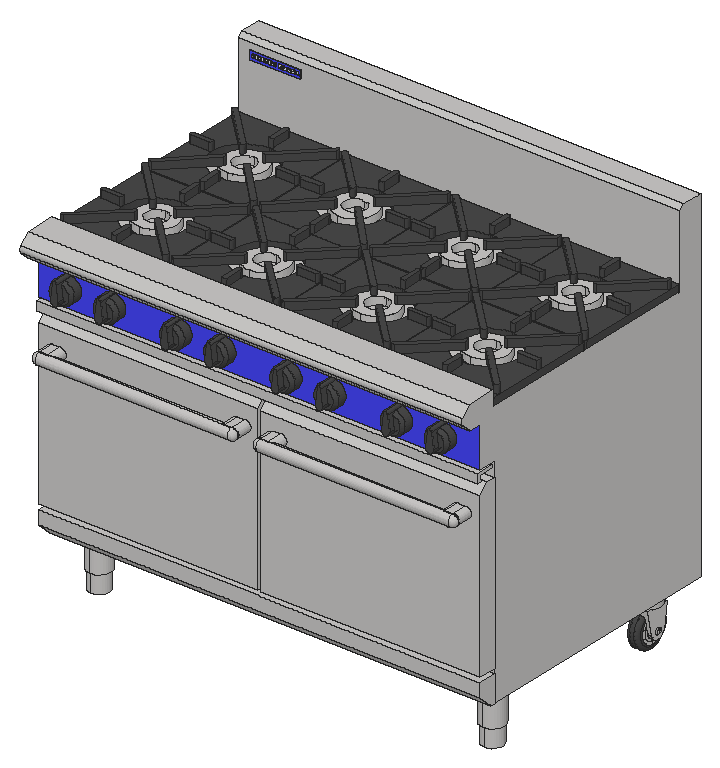
Revit family "QF_MOFFAT_BLUESEAL_CE_G528D", category Specialty Equipment, Revit 2012 (continued)
Definition of nested family "GAS BURNER 1200"
  Lines and regions (mm)
    symbolic lines
      curve 38: arc (149.991, -252.582, 0) -> (120.441, -247.219, 0) -> (94.661, -231.812, 0) r 84.082
      curve 39: line (156.4, -74.602, 0) -> (156.4, -25.398, 0)
      curve 40: spline (156.4, -25.398, 0) -> (156.182, -24.104, 0) -> (155.543, -22.898, 0) -> (154.525, -21.862, 0) -> (153.2, -21.068, 0) -> (151.656, -20.568, 0) -> (150, -20.398, 0) -> (148.344, -20.568, 0) -> (146.8, -21.068, 0) -> (145.475, -21.862, 0) -> (144.457, -22.898, 0) -> (143.818, -24.104, 0) -> (143.6, -25.398, 0)
      curve 41: line (143.6, -25.398, 0) -> (143.6, -74.602, 0)
      curve 42: spline (143.6, -74.602, 0) -> (143.818, -75.896, 0) -> (144.457, -77.102, 0) -> (145.475, -78.138, 0) -> (146.8, -78.932, 0) -> (148.344, -79.432, 0) -> (150, -79.602, 0) -> (151.656, -79.432, 0) -> (153.2, -78.932, 0) -> (154.525, -78.138, 0) -> (155.543, -77.102, 0) -> (156.182, -75.896, 0) -> (156.4, -74.602, 0)
      curve 43: line (358.102, -160.1, 0) -> (308.898, -160.1, 0)
      curve 44: spline (308.898, -160.1, 0) -> (307.604, -160.318, 0) -> (306.398, -160.957, 0) -> (305.362, -161.975, 0) -> (304.568, -163.3, 0) -> (304.068, -164.844, 0) -> (303.898, -166.5, 0) -> (304.068, -168.156, 0) -> (304.568, -169.7, 0) -> (305.362, -171.025, 0) -> (306.398, -172.043, 0) -> (307.604, -172.682, 0) -> (308.898, -172.9, 0)
      curve 45: line (308.898, -172.9, 0) -> (358.102, -172.9, 0)
      curve 46: spline (358.102, -172.9, 0) -> (359.396, -172.682, 0) -> (360.602, -172.043, 0) -> (361.638, -171.025, 0) -> (362.432, -169.7, 0) -> (362.932, -168.156, 0) -> (363.102, -166.5, 0) -> (362.932, -164.844, 0) -> (362.432, -163.3, 0) -> (361.638, -161.975, 0) -> (360.602, -160.957, 0) -> (359.396, -160.318, 0) -> (358.102, -160.1, 0)
      curve 47: line (414.025, -193.424, 0) -> (306.102, -304.847, 0)
      curve 48: spline (306.102, -304.847, 0) -> (305.341, -305.916, 0) -> (304.941, -307.221, 0) -> (304.928, -308.672, 0) -> (305.303, -310.171, 0) -> (306.041, -311.616, 0) -> (307.092, -312.908, 0) -> (308.384, -313.959, 0) -> (309.829, -314.697, 0) -> (311.328, -315.072, 0) -> (312.779, -315.059, 0) -> (314.084, -314.659, 0) -> (315.153, -313.898, 0)
      curve 49: line (315.153, -313.898, 0) -> (423.076, -202.475, 0)
      curve 50: spline (423.076, -202.475, 0) -> (423.837, -201.405, 0) -> (424.238, -200.101, 0) -> (424.251, -198.649, 0) -> (423.875, -197.15, 0) -> (423.137, -195.705, 0) -> (422.086, -194.414, 0) -> (420.795, -193.363, 0) -> (419.35, -192.625, 0) -> (417.851, -192.249, 0) -> (416.399, -192.262, 0) -> (415.095, -192.663, 0) -> (414.025, -193.424, 0)
      curve 51: line (456.4, -311.102, 0) -> (456.4, -261.898, 0)
      curve 52: spline (456.4, -261.898, 0) -> (456.182, -260.604, 0) -> (455.543, -259.398, 0) -> (454.525, -258.362, 0) -> (453.2, -257.568, 0) -> (451.656, -257.068, 0) -> (450, -256.898, 0) -> (448.344, -257.068, 0) -> (446.8, -257.568, 0) -> (445.475, -258.362, 0) -> (444.457, -259.398, 0) -> (443.818, -260.604, 0) -> (443.6, -261.898, 0)
      curve 53: line (443.6, -261.898, 0) -> (443.6, -311.102, 0)
      curve 54: spline (443.6, -311.102, 0) -> (443.818, -312.396, 0) -> (444.457, -313.602, 0) -> (445.475, -314.638, 0) -> (446.8, -315.432, 0) -> (448.344, -315.932, 0) -> (450, -316.102, 0) -> (451.656, -315.932, 0) -> (453.2, -315.432, 0) -> (454.525, -314.638, 0) -> (455.543, -313.602, 0) -> (456.182, -312.396, 0) -> (456.4, -311.102, 0)
      curve 55: line (596, 0, 0) -> (304, 0, 0)
      curve 56: arc (304, 0, 0) -> (301.879, -0.879, 0) -> (301, -3, 0) r 3
      curve 57: line (301, -3, 0) -> (301, -315.5, 0)
      curve 58: arc (301, -315.5, 0) -> (301.879, -317.621, 0) -> (304, -318.5, 0) r 3
      curve 59: line (304, -318.5, 0) -> (596, -318.5, 0)
      curve 60: arc (596, -318.5, 0) -> (598.121, -317.621, 0) -> (599, -315.5, 0) r 3
      curve 61: line (599, -315.5, 0) -> (599, -3, 0)
      curve 62: arc (599, -3, 0) -> (598.121, -0.879, 0) -> (596, 0, 0) r 3
      curve 63: line (296, 0, 0) -> (4, 0, 0)
      curve 64: arc (4, 0, 0) -> (1.879, -0.879, 0) -> (1, -3, 0) r 3
      curve 65: line (1, -3, 0) -> (1, -315.5, 0)
      curve 66: arc (1, -315.5, 0) -> (1.879, -317.621, 0) -> (4, -318.5, 0) r 3
      curve 67: line (4, -318.5, 0) -> (296, -318.5, 0)
      curve 68: arc (296, -318.5, 0) -> (298.121, -317.621, 0) -> (299, -315.5, 0) r 3
      curve 69: line (299, -315.5, 0) -> (299, -3, 0)
      curve 70: arc (299, -3, 0) -> (298.121, -0.879, 0) -> (296, 0, 0) r 3
      curve 71: line (296, -321.5, 0) -> (4, -321.5, 0)
      curve 72: arc (4, -321.5, 0) -> (1.879, -322.379, 0) -> (1, -324.5, 0) r 3
      curve 73: line (1, -324.5, 0) -> (1, -632, 0)
      curve 74: arc (1, -632, 0) -> (1.879, -634.121, 0) -> (4, -635, 0) r 3
      curve 75: line (4, -635, 0) -> (296, -635, 0)
      curve 76: arc (296, -635, 0) -> (298.121, -634.121, 0) -> (299, -632, 0) r 3
      curve 77: line (299, -632, 0) -> (299, -324.5, 0)
      curve 78: arc (299, -324.5, 0) -> (298.121, -322.379, 0) -> (296, -321.5, 0) r 3
      curve 79: line (596, -321.5, 0) -> (304, -321.5, 0)
      curve 80: arc (304, -321.5, 0) -> (301.879, -322.379, 0) -> (301, -324.5, 0) r 3
      curve 81: line (301, -324.5, 0) -> (301, -632, 0)
      curve 82: arc (301, -632, 0) -> (301.879, -634.121, 0) -> (304, -635, 0) r 3
      curve 83: line (304, -635, 0) -> (596, -635, 0)
      curve 84: arc (596, -635, 0) -> (598.121, -634.121, 0) -> (599, -632, 0) r 3
      curve 85: line (599, -632, 0) -> (599, -324.5, 0)
      curve 86: arc (599, -324.5, 0) -> (598.121, -322.379, 0) -> (596, -321.5, 0) r 3
      curve 87: line (293.898, -304.847, 0) -> (185.975, -193.424, 0)
      curve 88: spline (185.975, -193.424, 0) -> (184.905, -192.663, 0) -> (183.601, -192.262, 0) -> (182.149, -192.249, 0) -> (180.65, -192.625, 0) -> (179.205, -193.363, 0) -> (177.914, -194.414, 0) -> (176.863, -195.705, 0) -> (176.125, -197.15, 0) -> (175.749, -198.649, 0) -> (175.762, -200.101, 0) -> (176.163, -201.405, 0) -> (176.924, -202.475, 0)
      curve 89: line (176.924, -202.475, 0) -> (284.847, -313.898, 0)
      curve 90: spline (284.847, -313.898, 0) -> (285.916, -314.659, 0) -> (287.221, -315.059, 0) -> (288.672, -315.072, 0) -> (290.171, -314.697, 0) -> (291.616, -313.959, 0) -> (292.908, -312.908, 0) -> (293.959, -311.616, 0) -> (294.697, -310.171, 0) -> (295.072, -308.672, 0) -> (295.059, -307.221, 0) -> (294.659, -305.916, 0) -> (293.898, -304.847, 0)
      curve 91: line (15.153, -313.898, 0) -> (123.076, -202.475, 0)
      curve 92: spline (123.076, -202.475, 0) -> (123.837, -201.405, 0) -> (124.238, -200.101, 0) -> (124.251, -198.649, 0) -> (123.875, -197.15, 0) -> (123.137, -195.705, 0) -> (122.086, -194.414, 0) -> (120.795, -193.363, 0) -> (119.35, -192.625, 0) -> (117.851, -192.249, 0) -> (116.399, -192.262, 0) -> (115.095, -192.663, 0) -> (114.025, -193.424, 0)
      curve 93: line (114.025, -193.424, 0) -> (6.102, -304.847, 0)
      curve 94: spline (6.102, -304.847, 0) -> (5.341, -305.916, 0) -> (4.941, -307.221, 0) -> (4.928, -308.672, 0) -> (5.303, -310.171, 0) -> (6.041, -311.616, 0) -> (7.092, -312.908, 0) -> (8.384, -313.959, 0) -> (9.829, -314.697, 0) -> (11.328, -315.072, 0) -> (12.779, -315.059, 0) -> (14.084, -314.659, 0) -> (15.153, -313.898, 0)
      curve 95: line (8.898, -172.9, 0) -> (58.102, -172.9, 0)
      curve 96: spline (58.102, -172.9, 0) -> (59.396, -172.682, 0) -> (60.602, -172.043, 0) -> (61.638, -171.025, 0) -> (62.432, -169.7, 0) -> (62.932, -168.156, 0) -> (63.102, -166.5, 0) -> (62.932, -164.844, 0) -> (62.432, -163.3, 0) -> (61.638, -161.975, 0) -> (60.602, -160.957, 0) -> (59.396, -160.318, 0) -> (58.102, -160.1, 0)
      curve 97: line (58.102, -160.1, 0) -> (8.898, -160.1, 0)
      curve 98: spline (8.898, -160.1, 0) -> (7.604, -160.318, 0) -> (6.398, -160.957, 0) -> (5.362, -161.975, 0) -> (4.568, -163.3, 0) -> (4.068, -164.844, 0) -> (3.898, -166.5, 0) -> (4.068, -168.156, 0) -> (4.568, -169.7, 0) -> (5.362, -171.025, 0) -> (6.398, -172.043, 0) -> (7.604, -172.682, 0) -> (8.898, -172.9, 0)
      curve 99: line (6.102, -31.653, 0) -> (114.025, -139.576, 0)
      curve 100: spline (114.025, -139.576, 0) -> (115.095, -140.337, 0) -> (116.399, -140.738, 0) -> (117.851, -140.751, 0) -> (119.35, -140.375, 0) -> (120.795, -139.637, 0) -> (122.086, -138.586, 0) -> (123.137, -137.295, 0) -> (123.875, -135.85, 0) -> (124.251, -134.351, 0) -> (124.238, -132.899, 0) -> (123.837, -131.595, 0) -> (123.076, -130.525, 0)
      curve 101: line (123.076, -130.525, 0) -> (15.153, -22.602, 0)
      curve 102: spline (15.153, -22.602, 0) -> (13.924, -21.681, 0) -> (12.47, -21.131, 0) -> (10.89, -20.99, 0) -> (9.292, -21.267, 0) -> (7.786, -21.943, 0) -> (6.473, -22.973, 0) -> (5.443, -24.286, 0) -> (4.767, -25.792, 0) -> (4.49, -27.39, 0) -> (4.631, -28.97, 0) -> (5.181, -30.424, 0) -> (6.102, -31.653, 0)
      curve 103: arc (150, -136.5, 0) -> (180, -166.5, 0) -> (150, -196.5, 0) r 30
      curve 104: arc (150, -196.5, 0) -> (120, -166.5, 0) -> (150, -136.5, 0) r 30
      curve 105: line (156.4, -311.102, 0) -> (156.4, -261.898, 0)
      curve 106: spline (156.4, -261.898, 0) -> (156.182, -260.604, 0) -> (155.543, -259.398, 0) -> (154.525, -258.362, 0) -> (153.2, -257.568, 0) -> (151.656, -257.068, 0) -> (150, -256.898, 0) -> (148.344, -257.068, 0) -> (146.8, -257.568, 0) -> (145.475, -258.362, 0) -> (144.457, -259.398, 0) -> (143.818, -260.604, 0) -> (143.6, -261.898, 0)
      curve 107: line (143.6, -261.898, 0) -> (143.6, -311.102, 0)
      curve 108: spline (143.6, -311.102, 0) -> (143.818, -312.396, 0) -> (144.457, -313.602, 0) -> (145.475, -314.638, 0) -> (146.8, -315.432, 0) -> (148.344, -315.932, 0) -> (150, -316.102, 0) -> (151.656, -315.932, 0) -> (153.2, -315.432, 0) -> (154.525, -314.638, 0) -> (155.543, -313.602, 0) -> (156.182, -312.396, 0) -> (156.4, -311.102, 0)
      curve 109: line (156.4, -378.102, 0) -> (156.4, -328.898, 0)
      curve 110: spline (156.4, -328.898, 0) -> (156.182, -327.604, 0) -> (155.543, -326.398, 0) -> (154.525, -325.362, 0) -> (153.2, -324.568, 0) -> (151.656, -324.068, 0) -> (150, -323.898, 0) -> (148.344, -324.068, 0) -> (146.8, -324.568, 0) -> (145.475, -325.362, 0) -> (144.457, -326.398, 0) -> (143.818, -327.604, 0) -> (143.6, -328.898, 0)
      curve 111: line (143.6, -328.898, 0) -> (143.6, -378.102, 0)
      curve 112: spline (143.6, -378.102, 0) -> (143.818, -379.396, 0) -> (144.457, -380.602, 0) -> (145.475, -381.638, 0) -> (146.8, -382.432, 0) -> (148.344, -382.932, 0) -> (150, -383.102, 0) -> (151.656, -382.932, 0) -> (153.2, -382.432, 0) -> (154.525, -381.638, 0) -> (155.543, -380.602, 0) -> (156.182, -379.396, 0) -> (156.4, -378.102, 0)
      curve 113: line (284.847, -326.102, 0) -> (176.924, -434.025, 0)
      curve 114: spline (176.924, -434.025, 0) -> (176.163, -435.095, 0) -> (175.762, -436.399, 0) -> (175.749, -437.851, 0) -> (176.125, -439.35, 0) -> (176.863, -440.795, 0) -> (177.914, -442.086, 0) -> (179.205, -443.137, 0) -> (180.65, -443.875, 0) -> (182.149, -444.251, 0) -> (183.601, -444.238, 0) -> (184.905, -443.837, 0) -> (185.975, -443.076, 0)
      curve 115: line (185.975, -443.076, 0) -> (293.898, -335.153, 0)
      curve 116: spline (293.898, -335.153, 0) -> (294.659, -334.084, 0) -> (295.059, -332.779, 0) -> (295.072, -331.328, 0) -> (294.697, -329.829, 0) -> (293.959, -328.384, 0) -> (292.908, -327.092, 0) -> (291.616, -326.041, 0) -> (290.171, -325.303, 0) -> (288.672, -324.928, 0) -> (287.221, -324.941, 0) -> (285.916, -325.341, 0) -> (284.847, -326.102, 0)
      curve 117: line (123.076, -434.025, 0) -> (15.153, -326.102, 0)
      curve 118: spline (15.153, -326.102, 0) -> (13.924, -325.181, 0) -> (12.47, -324.631, 0) -> (10.89, -324.49, 0) -> (9.292, -324.767, 0) -> (7.786, -325.443, 0) -> (6.473, -326.473, 0) -> (5.443, -327.786, 0) -> (4.767, -329.292, 0) -> (4.49, -330.89, 0) -> (4.631, -332.47, 0) -> (5.181, -333.924, 0) -> (6.102, -335.153, 0)
      curve 119: line (6.102, -335.153, 0) -> (114.025, -443.076, 0)
      curve 120: spline (114.025, -443.076, 0) -> (115.095, -443.837, 0) -> (116.399, -444.238, 0) -> (117.851, -444.251, 0) -> (119.35, -443.875, 0) -> (120.795, -443.137, 0) -> (122.086, -442.086, 0) -> (123.137, -440.795, 0) -> (123.875, -439.35, 0) -> (124.251, -437.851, 0) -> (124.238, -436.399, 0) -> (123.837, -435.095, 0) -> (123.076, -434.025, 0)
      curve 121: line (58.102, -463.6, 0) -> (8.898, -463.6, 0)
      curve 122: spline (8.898, -463.6, 0) -> (7.604, -463.818, 0) -> (6.398, -464.457, 0) -> (5.362, -465.475, 0) -> (4.568, -466.8, 0) -> (4.068, -468.344, 0) -> (3.898, -470, 0) -> (4.068, -471.656, 0) -> (4.568, -473.2, 0) -> (5.362, -474.525, 0) -> (6.398, -475.543, 0) -> (7.604, -476.182, 0) -> (8.898, -476.4, 0)
      curve 123: line (8.898, -476.4, 0) -> (58.102, -476.4, 0)
      curve 124: spline (58.102, -476.4, 0) -> (59.396, -476.182, 0) -> (60.602, -475.543, 0) -> (61.638, -474.525, 0) -> (62.432, -473.2, 0) -> (62.932, -471.656, 0) -> (63.102, -470, 0) -> (62.932, -468.344, 0) -> (62.432, -466.8, 0) -> (61.638, -465.475, 0) -> (60.602, -464.457, 0) -> (59.396, -463.818, 0) -> (58.102, -463.6, 0)
      curve 125: line (114.025, -496.924, 0) -> (6.102, -603.347, 0)
      curve 126: spline (6.102, -603.347, 0) -> (5.341, -604.416, 0) -> (4.941, -605.721, 0) -> (4.928, -607.172, 0) -> (5.303, -608.671, 0) -> (6.041, -610.116, 0) -> (7.092, -611.408, 0) -> (8.384, -612.459, 0) -> (9.829, -613.197, 0) -> (11.328, -613.572, 0) -> (12.779, -613.559, 0) -> (14.084, -613.159, 0) -> (15.153, -612.398, 0)
      curve 127: line (15.153, -612.398, 0) -> (123.076, -505.975, 0)
      curve 128: spline (123.076, -505.975, 0) -> (123.837, -504.905, 0) -> (124.238, -503.601, 0) -> (124.251, -502.149, 0) -> (123.875, -500.65, 0) -> (123.137, -499.205, 0) -> (122.086, -497.914, 0) -> (120.795, -496.863, 0) -> (119.35, -496.125, 0) -> (117.851, -495.749, 0) -> (116.399, -495.762, 0) -> (115.095, -496.163, 0) -> (114.025, -496.924, 0)
      curve 129: line (156.4, -609.602, 0) -> (156.4, -561.898, 0)
      curve 130: spline (156.4, -561.898, 0) -> (156.182, -560.604, 0) -> (155.543, -559.398, 0) -> (154.525, -558.362, 0) -> (153.2, -557.568, 0) -> (151.656, -557.068, 0) -> (150, -556.898, 0) -> (148.344, -557.068, 0) -> (146.8, -557.568, 0) -> (145.475, -558.362, 0) -> (144.457, -559.398, 0) -> (143.818, -560.604, 0) -> (143.6, -561.898, 0)
      curve 131: line (143.6, -561.898, 0) -> (143.6, -609.602, 0)
      curve 132: spline (143.6, -609.602, 0) -> (143.818, -610.896, 0) -> (144.457, -612.102, 0) -> (145.475, -613.138, 0) -> (146.8, -613.932, 0) -> (148.344, -614.432, 0) -> (150, -614.602, 0) -> (151.656, -614.432, 0) -> (153.2, -613.932, 0) -> (154.525, -613.138, 0) -> (155.543, -612.102, 0) -> (156.182, -610.896, 0) -> (156.4, -609.602, 0)
      curve 133: line (176.924, -505.975, 0) -> (284.847, -612.398, 0)
      curve 134: spline (284.847, -612.398, 0) -> (285.916, -613.159, 0) -> (287.221, -613.559, 0) -> (288.672, -613.572, 0) -> (290.171, -613.197, 0) -> (291.616, -612.459, 0) -> (292.908, -611.408, 0) -> (293.959, -610.116, 0) -> (294.697, -608.671, 0) -> (295.072, -607.172, 0) -> (295.059, -605.721, 0) -> (294.659, -604.416, 0) -> (293.898, -603.347, 0)
      curve 135: line (293.898, -603.347, 0) -> (185.975, -496.924, 0)
      curve 136: spline (185.975, -496.924, 0) -> (184.905, -496.163, 0) -> (183.601, -495.762, 0) -> (182.149, -495.749, 0) -> (180.65, -496.125, 0) -> (179.205, -496.863, 0) -> (177.914, -497.914, 0) -> (176.863, -499.205, 0) -> (176.125, -500.65, 0) -> (175.749, -502.149, 0) -> (175.762, -503.601, 0) -> (176.163, -504.905, 0) -> (176.924, -505.975, 0)
      curve 137: arc (149.991, -384.418, 0) -> (179.687, -389.836, 0) -> (205.556, -405.393, 0) r 84.082
      curve 138: arc (149.991, -552.582, 0) -> (121.173, -547.489, 0) -> (95.845, -532.827, 0) r 84.082
      curve 139: arc (150, -523.5, 0) -> (167.666, -520.693, 0) -> (183.592, -512.55, 0) r 57
      curve 140: arc (150, -409.5, 0) -> (130.014, -413.119, 0) -> (112.566, -423.515, 0) r 57
      curve 141: arc (150, -436.5, 0) -> (180, -466.5, 0) -> (150, -496.5, 0) r 30
      curve 142: arc (150, -496.5, 0) -> (120, -466.5, 0) -> (150, -436.5, 0) r 30
      curve 143: line (291.102, -463.6, 0) -> (241.898, -463.6, 0)
      curve 144: spline (241.898, -463.6, 0) -> (240.604, -463.818, 0) -> (239.398, -464.457, 0) -> (238.362, -465.475, 0) -> (237.568, -466.8, 0) -> (237.068, -468.344, 0) -> (236.898, -470, 0) -> (237.068, -471.656, 0) -> (237.568, -473.2, 0) -> (238.362, -474.525, 0) -> (239.398, -475.543, 0) -> (240.604, -476.182, 0) -> (241.898, -476.4, 0)
      curve 145: line (241.898, -476.4, 0) -> (291.102, -476.4, 0)
      curve 146: spline (291.102, -476.4, 0) -> (292.396, -476.182, 0) -> (293.602, -475.543, 0) -> (294.638, -474.525, 0) -> (295.432, -473.2, 0) -> (295.932, -471.656, 0) -> (296.102, -470, 0) -> (295.932, -468.344, 0) -> (295.432, -466.8, 0) -> (294.638, -465.475, 0) -> (293.602, -464.457, 0) -> (292.396, -463.818, 0) -> (291.102, -463.6, 0)
      curve 147: line (423.076, -434.025, 0) -> (315.153, -326.102, 0)
      curve 148: spline (315.153, -326.102, 0) -> (314.084, -325.341, 0) -> (312.779, -324.941, 0) -> (311.328, -324.928, 0) -> (309.829, -325.303, 0) -> (308.384, -326.041, 0) -> (307.092, -327.092, 0) -> (306.041, -328.384, 0) -> (305.303, -329.829, 0) -> (304.928, -331.328, 0) -> (304.941, -332.779, 0) -> (305.341, -334.084, 0) -> (306.102, -335.153, 0)
      curve 149: line (306.102, -335.153, 0) -> (414.025, -443.076, 0)
      curve 150: spline (414.025, -443.076, 0) -> (415.095, -443.837, 0) -> (416.399, -444.238, 0) -> (417.851, -444.251, 0) -> (419.35, -443.875, 0) -> (420.795, -443.137, 0) -> (422.086, -442.086, 0) -> (423.137, -440.795, 0) -> (423.875, -439.35, 0) -> (424.251, -437.851, 0) -> (424.238, -436.399, 0) -> (423.837, -435.095, 0) -> (423.076, -434.025, 0)
      curve 151: line (443.6, -328.898, 0) -> (443.6, -378.102, 0)
      curve 152: spline (443.6, -378.102, 0) -> (443.818, -379.396, 0) -> (444.457, -380.602, 0) -> (445.475, -381.638, 0) -> (446.8, -382.432, 0) -> (448.344, -382.932, 0) -> (450, -383.102, 0) -> (451.656, -382.932, 0) -> (453.2, -382.432, 0) -> (454.525, -381.638, 0) -> (455.543, -380.602, 0) -> (456.182, -379.396, 0) -> (456.4, -378.102, 0)
      curve 153: line (456.4, -378.102, 0) -> (456.4, -328.898, 0)
      curve 154: spline (456.4, -328.898, 0) -> (456.182, -327.604, 0) -> (455.543, -326.398, 0) -> (454.525, -325.362, 0) -> (453.2, -324.568, 0) -> (451.656, -324.068, 0) -> (450, -323.898, 0) -> (448.344, -324.068, 0) -> (446.8, -324.568, 0) -> (445.475, -325.362, 0) -> (444.457, -326.398, 0) -> (443.818, -327.604, 0) -> (443.6, -328.898, 0)
      curve 155: line (584.847, -326.102, 0) -> (476.924, -434.025, 0)
      curve 156: spline (476.924, -434.025, 0) -> (476.163, -435.095, 0) -> (475.762, -436.399, 0) -> (475.749, -437.851, 0) -> (476.125, -439.35, 0) -> (476.863, -440.795, 0) -> (477.914, -442.086, 0) -> (479.205, -443.137, 0) -> (480.65, -443.875, 0) -> (482.149, -444.251, 0) -> (483.601, -444.238, 0) -> (484.905, -443.837, 0) -> (485.975, -443.076, 0)
      curve 157: line (485.975, -443.076, 0) -> (593.898, -335.153, 0)
      curve 158: spline (593.898, -335.153, 0) -> (594.819, -333.924, 0) -> (595.369, -332.47, 0) -> (595.51, -330.89, 0) -> (595.233, -329.292, 0) -> (594.557, -327.786, 0) -> (593.527, -326.473, 0) -> (592.214, -325.443, 0) -> (590.708, -324.767, 0) -> (589.11, -324.49, 0) -> (587.53, -324.631, 0) -> (586.076, -325.181, 0) -> (584.847, -326.102, 0)
      curve 159: line (591.102, -463.6, 0) -> (541.898, -463.6, 0)
      curve 160: spline (541.898, -463.6, 0) -> (540.604, -463.818, 0) -> (539.398, -464.457, 0) -> (538.362, -465.475, 0) -> (537.568, -466.8, 0) -> (537.068, -468.344, 0) -> (536.898, -470, 0) -> (537.068, -471.656, 0) -> (537.568, -473.2, 0) -> (538.362, -474.525, 0) -> (539.398, -475.543, 0) -> (540.604, -476.182, 0) -> (541.898, -476.4, 0)
      curve 161: line (541.898, -476.4, 0) -> (591.102, -476.4, 0)
      curve 162: spline (591.102, -476.4, 0) -> (592.396, -476.182, 0) -> (593.602, -475.543, 0) -> (594.638, -474.525, 0) -> (595.432, -473.2, 0) -> (595.932, -471.656, 0) -> (596.102, -470, 0) -> (595.932, -468.344, 0) -> (595.432, -466.8, 0) -> (594.638, -465.475, 0) -> (593.602, -464.457, 0) -> (592.396, -463.818, 0) -> (591.102, -463.6, 0)
      curve 163: line (593.898, -603.347, 0) -> (485.975, -496.924, 0)
      curve 164: spline (485.975, -496.924, 0) -> (484.905, -496.163, 0) -> (483.601, -495.762, 0) -> (482.149, -495.749, 0) -> (480.65, -496.125, 0) -> (479.205, -496.863, 0) -> (477.914, -497.914, 0) -> (476.863, -499.205, 0) -> (476.125, -500.65, 0) -> (475.749, -502.149, 0) -> (475.762, -503.601, 0) -> (476.163, -504.905, 0) -> (476.924, -505.975, 0)
      curve 165: line (476.924, -505.975, 0) -> (584.847, -612.398, 0)
      curve 166: spline (584.847, -612.398, 0) -> (585.916, -613.159, 0) -> (587.221, -613.559, 0) -> (588.672, -613.572, 0) -> (590.171, -613.197, 0) -> (591.616, -612.459, 0) -> (592.908, -611.408, 0) -> (593.959, -610.116, 0) -> (594.697, -608.671, 0) -> (595.072, -607.172, 0) -> (595.059, -605.721, 0) -> (594.659, -604.416, 0) -> (593.898, -603.347, 0)
      curve 167: line (315.153, -612.398, 0) -> (423.076, -505.975, 0)
      curve 168: spline (423.076, -505.975, 0) -> (423.837, -504.905, 0) -> (424.238, -503.601, 0) -> (424.251, -502.149, 0) -> (423.875, -500.65, 0) -> (423.137, -499.205, 0) -> (422.086, -497.914, 0) -> (420.795, -496.863, 0) -> (419.35, -496.125, 0) -> (417.851, -495.749, 0) -> (416.399, -495.762, 0) -> (415.095, -496.163, 0) -> (414.025, -496.924, 0)
      curve 169: line (414.025, -496.924, 0) -> (306.102, -603.347, 0)
      curve 170: spline (306.102, -603.347, 0) -> (305.341, -604.416, 0) -> (304.941, -605.721, 0) -> (304.928, -607.172, 0) -> (305.303, -608.671, 0) -> (306.041, -610.116, 0) -> (307.092, -611.408, 0) -> (308.384, -612.459, 0) -> (309.829, -613.197, 0) -> (311.328, -613.572, 0) -> (312.779, -613.559, 0) -> (314.084, -613.159, 0) -> (315.153, -612.398, 0)
      curve 171: line (308.898, -476.4, 0) -> (358.102, -476.4, 0)
      curve 172: spline (358.102, -476.4, 0) -> (359.396, -476.182, 0) -> (360.602, -475.543, 0) -> (361.638, -474.525, 0) -> (362.432, -473.2, 0) -> (362.932, -471.656, 0) -> (363.102, -470, 0) -> (362.932, -468.344, 0) -> (362.432, -466.8, 0) -> (361.638, -465.475, 0) -> (360.602, -464.457, 0) -> (359.396, -463.818, 0) -> (358.102, -463.6, 0)
      curve 173: line (358.102, -463.6, 0) -> (308.898, -463.6, 0)
      curve 174: spline (308.898, -463.6, 0) -> (307.604, -463.818, 0) -> (306.398, -464.457, 0) -> (305.362, -465.475, 0) -> (304.568, -466.8, 0) -> (304.068, -468.344, 0) -> (303.898, -470, 0) -> (304.068, -471.656, 0) -> (304.568, -473.2, 0) -> (305.362, -474.525, 0) -> (306.398, -475.543, 0) -> (307.604, -476.182, 0) -> (308.898, -476.4, 0)
      curve 175: line (456.4, -609.602, 0) -> (456.4, -561.898, 0)
      curve 176: spline (456.4, -561.898, 0) -> (456.182, -560.604, 0) -> (455.543, -559.398, 0) -> (454.525, -558.362, 0) -> (453.2, -557.568, 0) -> (451.656, -557.068, 0) -> (450, -556.898, 0) -> (448.344, -557.068, 0) -> (446.8, -557.568, 0) -> (445.475, -558.362, 0) -> (444.457, -559.398, 0) -> (443.818, -560.604, 0) -> (443.6, -561.898, 0)
      curve 177: line (443.6, -561.898, 0) -> (443.6, -609.602, 0)
      curve 178: spline (443.6, -609.602, 0) -> (443.818, -610.896, 0) -> (444.457, -612.102, 0) -> (445.475, -613.138, 0) -> (446.8, -613.932, 0) -> (448.344, -614.432, 0) -> (450, -614.602, 0) -> (451.656, -614.432, 0) -> (453.2, -613.932, 0) -> (454.525, -613.138, 0) -> (455.543, -612.102, 0) -> (456.182, -610.896, 0) -> (456.4, -609.602, 0)
      curve 179: arc (450.009, -384.418, 0) -> (479.699, -389.834, 0) -> (505.564, -405.385, 0) r 84.082
      curve 180: arc (450.009, -552.582, 0) -> (417.885, -546.204, 0) -> (390.635, -528.036, 0) r 84.082
      curve 181: arc (450, -523.5, 0) -> (467.666, -520.693, 0) -> (483.592, -512.55, 0) r 57
      curve 182: arc (450, -409.5, 0) -> (430.014, -413.119, 0) -> (412.566, -423.515, 0) r 57
      curve 183: arc (450, -436.5, 0) -> (480, -466.5, 0) -> (450, -496.5, 0) r 30
      curve 184: arc (450, -496.5, 0) -> (420, -466.5, 0) -> (450, -436.5, 0) r 30
      curve 185: arc (96.324, -103.773, 0) -> (121.466, -89.404, 0) -> (149.991, -84.418, 0) r 84.082
      curve 186: arc (212.871, -112.68, 0) -> (234.066, -167.408, 0) -> (214.3, -222.668, 0) r 84.082
      curve 187: arc (194.454, -202.178, 0) -> (207, -166.598, 0) -> (194.576, -130.975, 0) r 57
      curve 188: arc (114.628, -211.197, 0) -> (131.275, -220.336, 0) -> (150, -223.5, 0) r 57
      curve 189: arc (405.424, -130.975, 0) -> (393, -166.598, 0) -> (405.546, -202.178, 0) r 57
      curve 190: arc (485.525, -121.924, 0) -> (468.817, -112.696, 0) -> (450, -109.5, 0) r 57
      curve 191: arc (494.454, -202.178, 0) -> (507, -166.598, 0) -> (494.576, -130.975, 0) r 57
      curve 192: arc (414.628, -211.197, 0) -> (431.275, -220.336, 0) -> (450, -223.5, 0) r 57
      curve 193: arc (105.424, -130.975, 0) -> (93, -166.598, 0) -> (105.546, -202.178, 0) r 57
      curve 194: arc (514.501, -414.55, 0) -> (534.086, -469.429, 0) -> (513.293, -523.862, 0) r 84.082
      curve 195: arc (504.155, -532.827, 0) -> (478.827, -547.489, 0) -> (450.009, -552.582, 0) r 84.082
      curve 196: arc (493.031, -503.881, 0) -> (506.947, -468.956, 0) -> (496.089, -432.962, 0) r 57
      curve 197: arc (416.408, -512.55, 0) -> (432.334, -520.693, 0) -> (450, -523.5, 0) r 57
      curve 198: arc (403.911, -432.962, 0) -> (393.053, -468.956, 0) -> (406.969, -503.881, 0) r 57
      curve 199: arc (487.434, -423.515, 0) -> (469.986, -413.119, 0) -> (450, -409.5, 0) r 57
      curve 200: arc (187.434, -423.515, 0) -> (169.986, -413.119, 0) -> (150, -409.5, 0) r 57
      curve 201: arc (103.911, -432.962, 0) -> (93.053, -468.956, 0) -> (106.969, -503.881, 0) r 57
      curve 202: arc (109.732, -506.842, 0) -> (110.614, -507.704, 0) -> (111.516, -508.547, 0) r 57
      curve 203: arc (193.031, -503.881, 0) -> (206.947, -468.956, 0) -> (196.089, -432.962, 0) r 57
      curve 204: arc (214.491, -414.56, 0) -> (234.068, -469.429, 0) -> (213.283, -523.853, 0) r 84.082
      curve 205: arc (94.436, -405.385, 0) -> (120.301, -389.834, 0) -> (149.991, -384.418, 0) r 84.082
      curve 206: arc (86.707, -523.862, 0) -> (65.914, -469.429, 0) -> (85.499, -414.55, 0) r 84.082
      curve 207: arc (116.408, -512.55, 0) -> (132.334, -520.693, 0) -> (150, -523.5, 0) r 57
      curve 208: arc (204.147, -532.819, 0) -> (178.816, -547.487, 0) -> (149.991, -552.582, 0) r 84.082
      curve 209: arc (394.444, -405.393, 0) -> (420.313, -389.836, 0) -> (450.009, -384.418, 0) r 84.082
      curve 210: arc (390.635, -528.036, 0) -> (366.012, -472.294, 0) -> (385.509, -414.56, 0) r 84.082
      curve 211: arc (185.525, -121.924, 0) -> (168.817, -112.696, 0) -> (150, -109.5, 0) r 57
      curve 212: arc (396.332, -103.781, 0) -> (421.477, -89.406, 0) -> (450.009, -84.418, 0) r 84.082
      curve 213: arc (512.881, -112.67, 0) -> (534.084, -167.408, 0) -> (514.31, -222.678, 0) r 84.082
      curve 214: arc (505.339, -231.812, 0) -> (479.559, -247.219, 0) -> (450.009, -252.582, 0) r 84.082
      curve 215: arc (385.7, -222.668, 0) -> (365.934, -167.408, 0) -> (387.129, -112.68, 0) r 84.082
      curve 216: arc (205.331, -231.803, 0) -> (179.547, -247.216, 0) -> (149.991, -252.582, 0) r 84.082
      curve 217: arc (85.69, -222.678, 0) -> (65.916, -167.408, 0) -> (87.119, -112.67, 0) r 84.082
      curve 218: spline (724.076, -130.525, 0) -> (724.837, -131.595, 0) -> (725.238, -132.899, 0) -> (725.251, -134.351, 0) -> (724.875, -135.85, 0) -> (724.137, -137.295, 0) -> (723.086, -138.586, 0) -> (721.795, -139.637, 0) -> (720.35, -140.375, 0) -> (718.851, -140.751, 0) -> (717.399, -140.738, 0) -> (716.095, -140.337, 0) -> (715.025, -139.576, 0)
      curve 219: spline (659.102, -160.1, 0) -> (660.396, -160.318, 0) -> (661.602, -160.957, 0) -> (662.638, -161.975, 0) -> (663.432, -163.3, 0) -> (663.932, -164.844, 0) -> (664.102, -166.5, 0) -> (663.932, -168.156, 0) -> (663.432, -169.7, 0) -> (662.638, -171.025, 0) -> (661.602, -172.043, 0) -> (660.396, -172.682, 0) -> (659.102, -172.9, 0)
      curve 220: arc (751, -223.5, 0) -> (732.275, -220.336, 0) -> (715.628, -211.197, 0) r 57
      curve 221: arc (751, -109.5, 0) -> (769.817, -112.696, 0) -> (786.525, -121.924, 0) r 57
      curve 222: arc (751.009, -84.418, 0) -> (722.477, -89.406, 0) -> (697.332, -103.781, 0) r 84.082
      curve 223: arc (751.009, -252.582, 0) -> (780.559, -247.219, 0) -> (806.339, -231.812, 0) r 84.082
      curve 224: line (744.6, -74.602, 0) -> (744.6, -25.398, 0)
      curve 225: spline (744.6, -25.398, 0) -> (744.818, -24.104, 0) -> (745.457, -22.898, 0) -> (746.475, -21.862, 0) -> (747.8, -21.068, 0) -> (749.344, -20.568, 0) -> (751, -20.398, 0) -> (752.656, -20.568, 0) -> (754.2, -21.068, 0) -> (755.525, -21.862, 0) -> (756.543, -22.898, 0) -> (757.182, -24.104, 0) -> (757.4, -25.398, 0)
      curve 226: line (757.4, -25.398, 0) -> (757.4, -74.602, 0)
      curve 227: spline (757.4, -74.602, 0) -> (757.182, -75.896, 0) -> (756.543, -77.102, 0) -> (755.525, -78.138, 0) -> (754.2, -78.932, 0) -> (752.656, -79.432, 0) -> (751, -79.602, 0) -> (749.344, -79.432, 0) -> (747.8, -78.932, 0) -> (746.475, -78.138, 0) -> (745.457, -77.102, 0) -> (744.818, -75.896, 0) -> (744.6, -74.602, 0)
      curve 228: arc (897, 0, 0) -> (899.121, -0.879, 0) -> (900, -3, 0) r 3
      curve 229: line (900, -3, 0) -> (900, -315.5, 0)
      curve 230: arc (900, -315.5, 0) -> (899.121, -317.621, 0) -> (897, -318.5, 0) r 3
      curve 231: arc (897, -321.5, 0) -> (899.121, -322.379, 0) -> (900, -324.5, 0) r 3
      curve 232: line (900, -324.5, 0) -> (900, -632, 0)
      curve 233: arc (900, -632, 0) -> (899.121, -634.121, 0) -> (897, -635, 0) r 3
      curve 234: spline (715.025, -193.424, 0) -> (716.095, -192.663, 0) -> (717.399, -192.262, 0) -> (718.851, -192.249, 0) -> (720.35, -192.625, 0) -> (721.795, -193.363, 0) -> (723.086, -194.414, 0) -> (724.137, -195.705, 0) -> (724.875, -197.15, 0) -> (725.251, -198.649, 0) -> (725.238, -200.101, 0) -> (724.837, -201.405, 0) -> (724.076, -202.475, 0)
      curve 235: line (885.847, -313.898, 0) -> (777.924, -202.475, 0)
      curve 236: spline (777.924, -202.475, 0) -> (777.163, -201.405, 0) -> (776.762, -200.101, 0) -> (776.749, -198.649, 0) -> (777.125, -197.15, 0) -> (777.863, -195.705, 0) -> (778.914, -194.414, 0) -> (780.205, -193.363, 0) -> (781.65, -192.625, 0) -> (783.149, -192.249, 0) -> (784.601, -192.262, 0) -> (785.905, -192.663, 0) -> (786.975, -193.424, 0)
      curve 237: line (786.975, -193.424, 0) -> (894.898, -304.847, 0)
      curve 238: spline (894.898, -304.847, 0) -> (895.659, -305.916, 0) -> (896.059, -307.221, 0) -> (896.072, -308.672, 0) -> (895.697, -310.171, 0) -> (894.959, -311.616, 0) -> (893.908, -312.908, 0) -> (892.616, -313.959, 0) -> (891.171, -314.697, 0) -> (889.672, -315.072, 0) -> (888.221, -315.059, 0) -> (886.916, -314.659, 0) -> (885.847, -313.898, 0)
      curve 239: line (892.102, -172.9, 0) -> (842.898, -172.9, 0)
      curve 240: spline (842.898, -172.9, 0) -> (841.604, -172.682, 0) -> (840.398, -172.043, 0) -> (839.362, -171.025, 0) -> (838.568, -169.7, 0) -> (838.068, -168.156, 0) -> (837.898, -166.5, 0) -> (838.068, -164.844, 0) -> (838.568, -163.3, 0) -> (839.362, -161.975, 0) -> (840.398, -160.957, 0) -> (841.604, -160.318, 0) -> (842.898, -160.1, 0)
      curve 241: line (842.898, -160.1, 0) -> (892.102, -160.1, 0)
      curve 242: spline (892.102, -160.1, 0) -> (893.396, -160.318, 0) -> (894.602, -160.957, 0) -> (895.638, -161.975, 0) -> (896.432, -163.3, 0) -> (896.932, -164.844, 0) -> (897.102, -166.5, 0) -> (896.932, -168.156, 0) -> (896.432, -169.7, 0) -> (895.638, -171.025, 0) -> (894.602, -172.043, 0) -> (893.396, -172.682, 0) -> (892.102, -172.9, 0)
      curve 243: line (894.898, -31.653, 0) -> (786.975, -139.576, 0)
      curve 244: spline (786.975, -139.576, 0) -> (785.905, -140.337, 0) -> (784.601, -140.738, 0) -> (783.149, -140.751, 0) -> (781.65, -140.375, 0) -> (780.205, -139.637, 0) -> (778.914, -138.586, 0) -> (777.863, -137.295, 0) -> (777.125, -135.85, 0) -> (776.749, -134.351, 0) -> (776.762, -132.899, 0) -> (777.163, -131.595, 0) -> (777.924, -130.525, 0)
      curve 245: line (777.924, -130.525, 0) -> (885.847, -22.602, 0)
      curve 246: spline (885.847, -22.602, 0) -> (887.076, -21.681, 0) -> (888.53, -21.131, 0) -> (890.11, -20.99, 0) -> (891.708, -21.267, 0) -> (893.214, -21.943, 0) -> (894.527, -22.973, 0) -> (895.557, -24.286, 0) -> (896.233, -25.792, 0) -> (896.51, -27.39, 0) -> (896.369, -28.97, 0) -> (895.819, -30.424, 0) -> (894.898, -31.653, 0)
      curve 247: arc (751, -136.5, 0) -> (721, -166.5, 0) -> (751, -196.5, 0) r 30
      curve 248: arc (751, -196.5, 0) -> (781, -166.5, 0) -> (751, -136.5, 0) r 30
      curve 249: line (744.6, -311.102, 0) -> (744.6, -261.898, 0)
      curve 250: spline (744.6, -261.898, 0) -> (744.818, -260.604, 0) -> (745.457, -259.398, 0) -> (746.475, -258.362, 0) -> (747.8, -257.568, 0) -> (749.344, -257.068, 0) -> (751, -256.898, 0) -> (752.656, -257.068, 0) -> (754.2, -257.568, 0) -> (755.525, -258.362, 0) -> (756.543, -259.398, 0) -> (757.182, -260.604, 0) -> (757.4, -261.898, 0)
      curve 251: line (757.4, -261.898, 0) -> (757.4, -311.102, 0)
      curve 252: spline (757.4, -311.102, 0) -> (757.182, -312.396, 0) -> (756.543, -313.602, 0) -> (755.525, -314.638, 0) -> (754.2, -315.432, 0) -> (752.656, -315.932, 0) -> (751, -316.102, 0) -> (749.344, -315.932, 0) -> (747.8, -315.432, 0) -> (746.475, -314.638, 0) -> (745.457, -313.602, 0) -> (744.818, -312.396, 0) -> (744.6, -311.102, 0)
      curve 253: line (744.6, -378.102, 0) -> (744.6, -328.898, 0)
      curve 254: spline (744.6, -328.898, 0) -> (744.818, -327.604, 0) -> (745.457, -326.398, 0) -> (746.475, -325.362, 0) -> (747.8, -324.568, 0) -> (749.344, -324.068, 0) -> (751, -323.898, 0) -> (752.656, -324.068, 0) -> (754.2, -324.568, 0) -> (755.525, -325.362, 0) -> (756.543, -326.398, 0) -> (757.182, -327.604, 0) -> (757.4, -328.898, 0)
      curve 255: line (757.4, -328.898, 0) -> (757.4, -378.102, 0)
      curve 256: spline (757.4, -378.102, 0) -> (757.182, -379.396, 0) -> (756.543, -380.602, 0) -> (755.525, -381.638, 0) -> (754.2, -382.432, 0) -> (752.656, -382.932, 0) -> (751, -383.102, 0) -> (749.344, -382.932, 0) -> (747.8, -382.432, 0) -> (746.475, -381.638, 0) -> (745.457, -380.602, 0) -> (744.818, -379.396, 0) -> (744.6, -378.102, 0)
      curve 257: spline (724.076, -434.025, 0) -> (724.837, -435.095, 0) -> (725.238, -436.399, 0) -> (725.251, -437.851, 0) -> (724.875, -439.35, 0) -> (724.137, -440.795, 0) -> (723.086, -442.086, 0) -> (721.795, -443.137, 0) -> (720.35, -443.875, 0) -> (718.851, -444.251, 0) -> (717.399, -444.238, 0) -> (716.095, -443.837, 0) -> (715.025, -443.076, 0)
      curve 258: line (777.924, -434.025, 0) -> (885.847, -326.102, 0)
      curve 259: spline (885.847, -326.102, 0) -> (887.076, -325.181, 0) -> (888.53, -324.631, 0) -> (890.11, -324.49, 0) -> (891.708, -324.767, 0) -> (893.214, -325.443, 0) -> (894.527, -326.473, 0) -> (895.557, -327.786, 0) -> (896.233, -329.292, 0) -> (896.51, -330.89, 0) -> (896.369, -332.47, 0) -> (895.819, -333.924, 0) -> (894.898, -335.153, 0)
      curve 260: line (894.898, -335.153, 0) -> (786.975, -443.076, 0)
      curve 261: spline (786.975, -443.076, 0) -> (785.905, -443.837, 0) -> (784.601, -444.238, 0) -> (783.149, -444.251, 0) -> (781.65, -443.875, 0) -> (780.205, -443.137, 0) -> (778.914, -442.086, 0) -> (777.863, -440.795, 0) -> (777.125, -439.35, 0) -> (776.749, -437.851, 0) -> (776.762, -436.399, 0) -> (777.163, -435.095, 0) -> (777.924, -434.025, 0)
      curve 262: line (842.898, -463.6, 0) -> (892.102, -463.6, 0)
      curve 263: spline (892.102, -463.6, 0) -> (893.396, -463.818, 0) -> (894.602, -464.457, 0) -> (895.638, -465.475, 0) -> (896.432, -466.8, 0) -> (896.932, -468.344, 0) -> (897.102, -470, 0) -> (896.932, -471.656, 0) -> (896.432, -473.2, 0) -> (895.638, -474.525, 0) -> (894.602, -475.543, 0) -> (893.396, -476.182, 0) -> (892.102, -476.4, 0)
      curve 264: line (892.102, -476.4, 0) -> (842.898, -476.4, 0)
      curve 265: spline (842.898, -476.4, 0) -> (841.604, -476.182, 0) -> (840.398, -475.543, 0) -> (839.362, -474.525, 0) -> (838.568, -473.2, 0) -> (838.068, -471.656, 0) -> (837.898, -470, 0) -> (838.068, -468.344, 0) -> (838.568, -466.8, 0) -> (839.362, -465.475, 0) -> (840.398, -464.457, 0) -> (841.604, -463.818, 0) -> (842.898, -463.6, 0)
      curve 266: line (786.975, -496.924, 0) -> (894.898, -603.347, 0)
      curve 267: spline (894.898, -603.347, 0) -> (895.659, -604.416, 0) -> (896.059, -605.721, 0) -> (896.072, -607.172, 0) -> (895.697, -608.671, 0) -> (894.959, -610.116, 0) -> (893.908, -611.408, 0) -> (892.616, -612.459, 0) -> (891.171, -613.197, 0) -> (889.672, -613.572, 0) -> (888.221, -613.559, 0) -> (886.916, -613.159, 0) -> (885.847, -612.398, 0)
      curve 268: line (885.847, -612.398, 0) -> (777.924, -505.975, 0)
      curve 269: spline (777.924, -505.975, 0) -> (777.163, -504.905, 0) -> (776.762, -503.601, 0) -> (776.749, -502.149, 0) -> (777.125, -500.65, 0) -> (777.863, -499.205, 0) -> (778.914, -497.914, 0) -> (780.205, -496.863, 0) -> (781.65, -496.125, 0) -> (783.149, -495.749, 0) -> (784.601, -495.762, 0) -> (785.905, -496.163, 0) -> (786.975, -496.924, 0)
      curve 270: line (744.6, -609.602, 0) -> (744.6, -561.898, 0)
      curve 271: spline (744.6, -561.898, 0) -> (744.818, -560.604, 0) -> (745.457, -559.398, 0) -> (746.475, -558.362, 0) -> (747.8, -557.568, 0) -> (749.344, -557.068, 0) -> (751, -556.898, 0) -> (752.656, -557.068, 0) -> (754.2, -557.568, 0) -> (755.525, -558.362, 0) -> (756.543, -559.398, 0) -> (757.182, -560.604, 0) -> (757.4, -561.898, 0)
      curve 272: line (757.4, -561.898, 0) -> (757.4, -609.602, 0)
      curve 273: spline (757.4, -609.602, 0) -> (757.182, -610.896, 0) -> (756.543, -612.102, 0) -> (755.525, -613.138, 0) -> (754.2, -613.932, 0) -> (752.656, -614.432, 0) -> (751, -614.602, 0) -> (749.344, -614.432, 0) -> (747.8, -613.932, 0) -> (746.475, -613.138, 0) -> (745.457, -612.102, 0) -> (744.818, -610.896, 0) -> (744.6, -609.602, 0)
      curve 274: spline (715.025, -496.924, 0) -> (716.095, -496.163, 0) -> (717.399, -495.762, 0) -> (718.851, -495.749, 0) -> (720.35, -496.125, 0) -> (721.795, -496.863, 0) -> (723.086, -497.914, 0) -> (724.137, -499.205, 0) -> (724.875, -500.65, 0) -> (725.251, -502.149, 0) -> (725.238, -503.601, 0) -> (724.837, -504.905, 0) -> (724.076, -505.975, 0)
      curve 275: arc (751.009, -384.418, 0) -> (721.313, -389.836, 0) -> (695.444, -405.393, 0) r 84.082
      curve 276: arc (751.009, -552.582, 0) -> (779.827, -547.489, 0) -> (805.155, -532.827, 0) r 84.082
      curve 277: arc (751, -523.5, 0) -> (733.334, -520.693, 0) -> (717.408, -512.55, 0) r 57
      curve 278: arc (751, -409.5, 0) -> (770.986, -413.119, 0) -> (788.434, -423.515, 0) r 57
      curve 279: arc (751, -436.5, 0) -> (721, -466.5, 0) -> (751, -496.5, 0) r 30
      curve 280: arc (751, -496.5, 0) -> (781, -466.5, 0) -> (751, -436.5, 0) r 30
      curve 281: spline (659.102, -463.6, 0) -> (660.396, -463.818, 0) -> (661.602, -464.457, 0) -> (662.638, -465.475, 0) -> (663.432, -466.8, 0) -> (663.932, -468.344, 0) -> (664.102, -470, 0) -> (663.932, -471.656, 0) -> (663.432, -473.2, 0) -> (662.638, -474.525, 0) -> (661.602, -475.543, 0) -> (660.396, -476.182, 0) -> (659.102, -476.4, 0)
      curve 282: arc (804.676, -103.773, 0) -> (779.534, -89.404, 0) -> (751.009, -84.418, 0) r 84.082
      curve 283: arc (688.129, -112.68, 0) -> (666.934, -167.408, 0) -> (686.7, -222.668, 0) r 84.082
      curve 284: arc (706.546, -202.178, 0) -> (694, -166.598, 0) -> (706.424, -130.975, 0) r 57
      curve 285: arc (786.372, -211.197, 0) -> (769.725, -220.336, 0) -> (751, -223.5, 0) r 57
      curve 286: arc (795.576, -130.975, 0) -> (808, -166.598, 0) -> (795.454, -202.178, 0) r 57
      curve 287: arc (713.566, -423.515, 0) -> (731.014, -413.119, 0) -> (751, -409.5, 0) r 57
      curve 288: arc (797.089, -432.962, 0) -> (807.947, -468.956, 0) -> (794.031, -503.881, 0) r 57
      curve 289: arc (791.268, -506.842, 0) -> (790.386, -507.704, 0) -> (789.484, -508.547, 0) r 57
      curve 290: arc (707.969, -503.881, 0) -> (694.053, -468.956, 0) -> (704.911, -432.962, 0) r 57
      curve 291: arc (686.509, -414.56, 0) -> (666.932, -469.429, 0) -> (687.717, -523.853, 0) r 84.082
      curve 292: arc (806.564, -405.385, 0) -> (780.699, -389.834, 0) -> (751.009, -384.418, 0) r 84.082
      curve 293: arc (814.293, -523.862, 0) -> (835.086, -469.429, 0) -> (815.501, -414.55, 0) r 84.082
      curve 294: arc (784.592, -512.55, 0) -> (768.666, -520.693, 0) -> (751, -523.5, 0) r 57
      curve 295: arc (696.853, -532.819, 0) -> (722.184, -547.487, 0) -> (751.009, -552.582, 0) r 84.082
      curve 296: arc (715.475, -121.924, 0) -> (732.183, -112.696, 0) -> (751, -109.5, 0) r 57
      curve 297: arc (695.669, -231.803, 0) -> (721.453, -247.216, 0) -> (751.009, -252.582, 0) r 84.082
      curve 298: arc (815.31, -222.678, 0) -> (835.084, -167.408, 0) -> (813.881, -112.67, 0) r 84.082
      curve 299: line (616.153, -612.398, 0) -> (724.076, -505.975, 0)
      curve 300: line (715.025, -496.924, 0) -> (607.102, -603.347, 0)
      curve 301: spline (607.102, -603.347, 0) -> (606.341, -604.416, 0) -> (605.941, -605.721, 0) -> (605.928, -607.172, 0) -> (606.303, -608.671, 0) -> (607.041, -610.116, 0) -> (608.092, -611.408, 0) -> (609.384, -612.459, 0) -> (610.829, -613.197, 0) -> (612.328, -613.572, 0) -> (613.779, -613.559, 0) -> (615.084, -613.159, 0) -> (616.153, -612.398, 0)
      curve 302: line (602, -324.5, 0) -> (602, -632, 0)
      curve 303: arc (602, -632, 0) -> (602.879, -634.121, 0) -> (605, -635, 0) r 3
      curve 304: line (605, -635, 0) -> (897, -635, 0)
      curve 305: arc (897, -635, 0) -> (899.121, -634.121, 0) -> (900, -632, 0) r 3
      curve 306: line (900, -632, 0) -> (900, -324.5, 0)
      curve 307: arc (900, -324.5, 0) -> (899.121, -322.379, 0) -> (897, -321.5, 0) r 3
      curve 308: line (897, -321.5, 0) -> (605, -321.5, 0)
      curve 309: arc (605, -321.5, 0) -> (602.879, -322.379, 0) -> (602, -324.5, 0) r 3
      curve 310: line (609.898, -476.4, 0) -> (659.102, -476.4, 0)
      curve 311: line (659.102, -463.6, 0) -> (609.898, -463.6, 0)
      curve 312: spline (609.898, -463.6, 0) -> (608.604, -463.818, 0) -> (607.398, -464.457, 0) -> (606.362, -465.475, 0) -> (605.568, -466.8, 0) -> (605.068, -468.344, 0) -> (604.898, -470, 0) -> (605.068, -471.656, 0) -> (605.568, -473.2, 0) -> (606.362, -474.525, 0) -> (607.398, -475.543, 0) -> (608.604, -476.182, 0) -> (609.898, -476.4, 0)
      curve 313: line (607.102, -335.153, 0) -> (715.025, -443.076, 0)
      curve 314: line (724.076, -434.025, 0) -> (616.153, -326.102, 0)
      curve 315: spline (616.153, -326.102, 0) -> (615.084, -325.341, 0) -> (613.779, -324.941, 0) -> (612.328, -324.928, 0) -> (610.829, -325.303, 0) -> (609.384, -326.041, 0) -> (608.092, -327.092, 0) -> (607.041, -328.384, 0) -> (606.303, -329.829, 0) -> (605.928, -331.328, 0) -> (605.941, -332.779, 0) -> (606.341, -334.084, 0) -> (607.102, -335.153, 0)
      curve 316: line (616.153, -313.898, 0) -> (724.076, -202.475, 0)
      curve 317: spline (607.102, -304.847, 0) -> (606.341, -305.916, 0) -> (605.941, -307.221, 0) -> (605.928, -308.672, 0) -> (606.303, -310.171, 0) -> (607.041, -311.616, 0) -> (608.092, -312.908, 0) -> (609.384, -313.959, 0) -> (610.829, -314.697, 0) -> (612.328, -315.072, 0) -> (613.779, -315.059, 0) -> (615.084, -314.659, 0) -> (616.153, -313.898, 0)
      curve 318: line (715.025, -193.424, 0) -> (607.102, -304.847, 0)
      curve 319: line (605, -318.5, 0) -> (897, -318.5, 0)
      curve 320: arc (602, -315.5, 0) -> (602.879, -317.621, 0) -> (605, -318.5, 0) r 3
      curve 321: line (602, -3, 0) -> (602, -315.5, 0)
      curve 322: arc (605, 0, 0) -> (602.879, -0.879, 0) -> (602, -3, 0) r 3
      curve 323: line (609.898, -172.9, 0) -> (659.102, -172.9, 0)
      curve 324: line (659.102, -160.1, 0) -> (609.898, -160.1, 0)
      curve 325: spline (609.898, -160.1, 0) -> (608.604, -160.318, 0) -> (607.398, -160.957, 0) -> (606.362, -161.975, 0) -> (605.568, -163.3, 0) -> (605.068, -164.844, 0) -> (604.898, -166.5, 0) -> (605.068, -168.156, 0) -> (605.568, -169.7, 0) -> (606.362, -171.025, 0) -> (607.398, -172.043, 0) -> (608.604, -172.682, 0) -> (609.898, -172.9, 0)
      curve 326: line (607.102, -31.653, 0) -> (715.025, -139.576, 0)
      curve 327: line (724.076, -130.525, 0) -> (616.153, -22.602, 0)
      curve 328: spline (616.153, -22.602, 0) -> (615.084, -21.841, 0) -> (613.779, -21.441, 0) -> (612.328, -21.428, 0) -> (610.829, -21.803, 0) -> (609.384, -22.541, 0) -> (608.092, -23.592, 0) -> (607.041, -24.884, 0) -> (606.303, -26.329, 0) -> (605.928, -27.828, 0) -> (605.941, -29.279, 0) -> (606.341, -30.584, 0) -> (607.102, -31.653, 0)
      curve 329: line (897, 0, 0) -> (605, 0, 0)
      curve 330: line (915.153, -22.602, 0) -> (1023.076, -130.525, 0)
      curve 331: spline (1023.076, -130.525, 0) -> (1023.837, -131.595, 0) -> (1024.238, -132.899, 0) -> (1024.251, -134.351, 0) -> (1023.875, -135.85, 0) -> (1023.137, -137.295, 0) -> (1022.086, -138.586, 0) -> (1020.795, -139.637, 0) -> (1019.35, -140.375, 0) -> (1017.851, -140.751, 0) -> (1016.399, -140.738, 0) -> (1015.095, -140.337, 0) -> (1014.025, -139.576, 0)
      curve 332: line (1014.025, -139.576, 0) -> (906.102, -31.653, 0)
      curve 333: spline (906.102, -31.653, 0) -> (905.341, -30.584, 0) -> (904.941, -29.279, 0) -> (904.928, -27.828, 0) -> (905.303, -26.329, 0) -> (906.041, -24.884, 0) -> (907.092, -23.592, 0) -> (908.384, -22.541, 0) -> (909.829, -21.803, 0) -> (911.328, -21.428, 0) -> (912.779, -21.441, 0) -> (914.084, -21.841, 0) -> (915.153, -22.602, 0)
      curve 334: line (908.898, -160.1, 0) -> (958.102, -160.1, 0)
      curve 335: spline (958.102, -160.1, 0) -> (959.396, -160.318, 0) -> (960.602, -160.957, 0) -> (961.638, -161.975, 0) -> (962.432, -163.3, 0) -> (962.932, -164.844, 0) -> (963.102, -166.5, 0) -> (962.932, -168.156, 0) -> (962.432, -169.7, 0) -> (961.638, -171.025, 0) -> (960.602, -172.043, 0) -> (959.396, -172.682, 0) -> (958.102, -172.9, 0)
      curve 336: line (958.102, -172.9, 0) -> (908.898, -172.9, 0)
      curve 337: spline (908.898, -172.9, 0) -> (907.604, -172.682, 0) -> (906.398, -172.043, 0) -> (905.362, -171.025, 0) -> (904.568, -169.7, 0) -> (904.068, -168.156, 0) -> (903.898, -166.5, 0) -> (904.068, -164.844, 0) -> (904.568, -163.3, 0) -> (905.362, -161.975, 0) -> (906.398, -160.957, 0) -> (907.604, -160.318, 0) -> (908.898, -160.1, 0)
      curve 338: arc (1050, -223.5, 0) -> (1031.275, -220.336, 0) -> (1014.628, -211.197, 0) r 57
      curve 339: arc (1050, -109.5, 0) -> (1068.817, -112.696, 0) -> (1085.525, -121.924, 0) r 57
      curve 340: arc (1050.009, -84.418, 0) -> (1021.477, -89.406, 0) -> (996.332, -103.781, 0) r 84.082
      curve 341: arc (1050.009, -252.582, 0) -> (1079.559, -247.219, 0) -> (1105.339, -231.812, 0) r 84.082
      curve 342: line (1043.6, -74.602, 0) -> (1043.6, -25.398, 0)
      curve 343: spline (1043.6, -25.398, 0) -> (1043.818, -24.104, 0) -> (1044.457, -22.898, 0) -> (1045.475, -21.862, 0) -> (1046.8, -21.068, 0) -> (1048.344, -20.568, 0) -> (1050, -20.398, 0) -> (1051.656, -20.568, 0) -> (1053.2, -21.068, 0) -> (1054.525, -21.862, 0) -> (1055.543, -22.898, 0) -> (1056.182, -24.104, 0) -> (1056.4, -25.398, 0)
      curve 344: line (1056.4, -25.398, 0) -> (1056.4, -74.602, 0)
      curve 345: spline (1056.4, -74.602, 0) -> (1056.182, -75.896, 0) -> (1055.543, -77.102, 0) -> (1054.525, -78.138, 0) -> (1053.2, -78.932, 0) -> (1051.656, -79.432, 0) -> (1050, -79.602, 0) -> (1048.344, -79.432, 0) -> (1046.8, -78.932, 0) -> (1045.475, -78.138, 0) -> (1044.457, -77.102, 0) -> (1043.818, -75.896, 0) -> (1043.6, -74.602, 0)
      curve 346: spline (891.102, -160.1, 0) -> (892.396, -160.318, 0) -> (893.602, -160.957, 0) -> (894.638, -161.975, 0) -> (895.432, -163.3, 0) -> (895.932, -164.844, 0) -> (896.102, -166.5, 0) -> (895.932, -168.156, 0) -> (895.432, -169.7, 0) -> (894.638, -171.025, 0) -> (893.602, -172.043, 0) -> (892.396, -172.682, 0) -> (891.102, -172.9, 0)
      curve 347: arc (896, 0, 0) -> (898.121, -0.879, 0) -> (899, -3, 0) r 3
      curve 348: line (899, -3, 0) -> (899, -315.5, 0)
      curve 349: arc (899, -315.5, 0) -> (898.121, -317.621, 0) -> (896, -318.5, 0) r 3
      curve 350: line (904, 0, 0) -> (1196, 0, 0)
      curve 351: arc (1196, 0, 0) -> (1198.121, -0.879, 0) -> (1199, -3, 0) r 3
      curve 352: line (1199, -3, 0) -> (1199, -315.5, 0)
      curve 353: arc (1199, -315.5, 0) -> (1198.121, -317.621, 0) -> (1196, -318.5, 0) r 3
      curve 354: line (1196, -318.5, 0) -> (904, -318.5, 0)
      curve 355: arc (904, -318.5, 0) -> (901.879, -317.621, 0) -> (901, -315.5, 0) r 3
      curve 356: line (901, -315.5, 0) -> (901, -3, 0)
      curve 357: arc (901, -3, 0) -> (901.879, -0.879, 0) -> (904, 0, 0) r 3
      curve 358: line (904, -321.5, 0) -> (1196, -321.5, 0)
      curve 359: arc (1196, -321.5, 0) -> (1198.121, -322.379, 0) -> (1199, -324.5, 0) r 3
      curve 360: line (1199, -324.5, 0) -> (1199, -632, 0)
      curve 361: arc (1199, -632, 0) -> (1198.121, -634.121, 0) -> (1196, -635, 0) r 3
      curve 362: line (1196, -635, 0) -> (904, -635, 0)
      curve 363: arc (904, -635, 0) -> (901.879, -634.121, 0) -> (901, -632, 0) r 3
      curve 364: line (901, -632, 0) -> (901, -324.5, 0)
      curve 365: arc (901, -324.5, 0) -> (901.879, -322.379, 0) -> (904, -321.5, 0) r 3
      curve 366: arc (896, -321.5, 0) -> (898.121, -322.379, 0) -> (899, -324.5, 0) r 3
      curve 367: line (899, -324.5, 0) -> (899, -632, 0)
      curve 368: arc (899, -632, 0) -> (898.121, -634.121, 0) -> (896, -635, 0) r 3
      curve 369: line (906.102, -304.847, 0) -> (1014.025, -193.424, 0)
      curve 370: spline (1014.025, -193.424, 0) -> (1015.095, -192.663, 0) -> (1016.399, -192.262, 0) -> (1017.851, -192.249, 0) -> (1019.35, -192.625, 0) -> (1020.795, -193.363, 0) -> (1022.086, -194.414, 0) -> (1023.137, -195.705, 0) -> (1023.875, -197.15, 0) -> (1024.251, -198.649, 0) -> (1024.238, -200.101, 0) -> (1023.837, -201.405, 0) -> (1023.076, -202.475, 0)
      curve 371: line (1023.076, -202.475, 0) -> (915.153, -313.898, 0)
      curve 372: spline (915.153, -313.898, 0) -> (914.084, -314.659, 0) -> (912.779, -315.059, 0) -> (911.328, -315.072, 0) -> (909.829, -314.697, 0) -> (908.384, -313.959, 0) -> (907.092, -312.908, 0) -> (906.041, -311.616, 0) -> (905.303, -310.171, 0) -> (904.928, -308.672, 0) -> (904.941, -307.221, 0) -> (905.341, -305.916, 0) -> (906.102, -304.847, 0)
      curve 373: line (1184.847, -313.898, 0) -> (1076.924, -202.475, 0)
      curve 374: spline (1076.924, -202.475, 0) -> (1076.163, -201.405, 0) -> (1075.762, -200.101, 0) -> (1075.749, -198.649, 0) -> (1076.125, -197.15, 0) -> (1076.863, -195.705, 0) -> (1077.914, -194.414, 0) -> (1079.205, -193.363, 0) -> (1080.65, -192.625, 0) -> (1082.149, -192.249, 0) -> (1083.601, -192.262, 0) -> (1084.905, -192.663, 0) -> (1085.975, -193.424, 0)
      curve 375: line (1085.975, -193.424, 0) -> (1193.898, -304.847, 0)
      curve 376: spline (1193.898, -304.847, 0) -> (1194.659, -305.916, 0) -> (1195.059, -307.221, 0) -> (1195.072, -308.672, 0) -> (1194.697, -310.171, 0) -> (1193.959, -311.616, 0) -> (1192.908, -312.908, 0) -> (1191.616, -313.959, 0) -> (1190.171, -314.697, 0) -> (1188.672, -315.072, 0) -> (1187.221, -315.059, 0) -> (1185.916, -314.659, 0) -> (1184.847, -313.898, 0)
      curve 377: line (1191.102, -172.9, 0) -> (1141.898, -172.9, 0)
      curve 378: spline (1141.898, -172.9, 0) -> (1140.604, -172.682, 0) -> (1139.398, -172.043, 0) -> (1138.362, -171.025, 0) -> (1137.568, -169.7, 0) -> (1137.068, -168.156, 0) -> (1136.898, -166.5, 0) -> (1137.068, -164.844, 0) -> (1137.568, -163.3, 0) -> (1138.362, -161.975, 0) -> (1139.398, -160.957, 0) -> (1140.604, -160.318, 0) -> (1141.898, -160.1, 0)
      curve 379: line (1141.898, -160.1, 0) -> (1191.102, -160.1, 0)
      curve 380: spline (1191.102, -160.1, 0) -> (1192.396, -160.318, 0) -> (1193.602, -160.957, 0) -> (1194.638, -161.975, 0) -> (1195.432, -163.3, 0) -> (1195.932, -164.844, 0) -> (1196.102, -166.5, 0) -> (1195.932, -168.156, 0) -> (1195.432, -169.7, 0) -> (1194.638, -171.025, 0) -> (1193.602, -172.043, 0) -> (1192.396, -172.682, 0) -> (1191.102, -172.9, 0)
      curve 381: line (1193.898, -31.653, 0) -> (1085.975, -139.576, 0)
      curve 382: spline (1085.975, -139.576, 0) -> (1084.905, -140.337, 0) -> (1083.601, -140.738, 0) -> (1082.149, -140.751, 0) -> (1080.65, -140.375, 0) -> (1079.205, -139.637, 0) -> (1077.914, -138.586, 0) -> (1076.863, -137.295, 0) -> (1076.125, -135.85, 0) -> (1075.749, -134.351, 0) -> (1075.762, -132.899, 0) -> (1076.163, -131.595, 0) -> (1076.924, -130.525, 0)
      curve 383: line (1076.924, -130.525, 0) -> (1184.847, -22.602, 0)
      curve 384: spline (1184.847, -22.602, 0) -> (1186.076, -21.681, 0) -> (1187.53, -21.131, 0) -> (1189.11, -20.99, 0) -> (1190.708, -21.267, 0) -> (1192.214, -21.943, 0) -> (1193.527, -22.973, 0) -> (1194.557, -24.286, 0) -> (1195.233, -25.792, 0) -> (1195.51, -27.39, 0) -> (1195.369, -28.97, 0) -> (1194.819, -30.424, 0) -> (1193.898, -31.653, 0)
      curve 385: arc (1050, -136.5, 0) -> (1020, -166.5, 0) -> (1050, -196.5, 0) r 30
      curve 386: arc (1050, -196.5, 0) -> (1080, -166.5, 0) -> (1050, -136.5, 0) r 30
      curve 387: line (1043.6, -311.102, 0) -> (1043.6, -261.898, 0)
